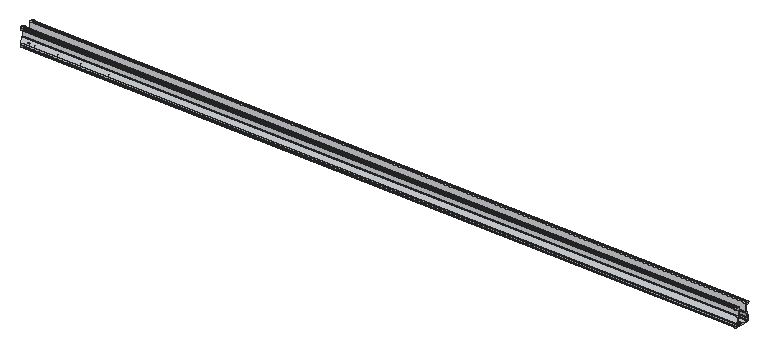
Revit family "54TSC3.00 16g Bottom Chord", category Structural Framing, Revit 2020
Family settings
  Section Shape = Not Defined
  Material for Model Behavior = Steel
  Always export as geometry = No
  OmniClass Number = 23.25.30.11.14.14
  OmniClass Title = Beams
  Always vertical = Yes
  Cut with Voids When Loaded = No
  Symbolic Representation = From Family
  Shared = No
  Show family pre-cut in plan views = Yes
Parameters
  Weight lbs per ft [instance] = 1.9646
  URL = "https://www.trussteel.com/details_files/pdf/ts008a.pdf"
  Total Member Weight lbs [instance] = Length / 1' 0" * Weight lbs per ft  # 19.646
  Structural Material = ASTM A653 SS Grade 55 G90
  Steel Design Thickness (in) [instance] = 0.0566
  Model = "54TSC3.00"
  Manufacturer = "TrusSteel"
  Length [instance] = 10' - 0"
  Fy (ksi) [instance] = 55
  Fu (ksi) [instance] = 65
  Description = "Chord"
  Cross Section Area (in2) [instance] = 0.5778
  Beam Height = 0' - 3"
  Beam Width = 0' - 2 1/2"
Reference planes (in)
  plane 1 "Center (Front/Back)": y = 0
  plane 2 "Center El.": z = 0
  plane 3 "Center (Left/Right)": x = 0
  plane 4 "Left": x = -60
  plane 5 "Right": x = 60
Forms (in)
  Extrusion 1, solid
    sketch origin (0, 0, 0) x (0, 1, 0) y (0, 0, 1)
      loop
        line (0.75, 2.8834) -> (0.75, 1.57412)
        arc (0.75, 1.57412) -> (0.75882, 1.48988) -> (0.7849, 1.4093) r 0.4066
        line (0.7849, 1.4093) -> (1.16336, 0.55577)
        arc (1.16336, 0.55577) -> (1.18581, 0.48641) -> (1.1934, 0.4139) r 0.35
        line (1.1934, 0.4139) -> (1.1934, 0.1506)
        arc (1.1934, 0.1506) -> (1.16587, 0.08413) -> (1.0994, 0.0566) r 0.094
        line (1.0994, 0.0566) -> (0.2508, 0.0566)
        arc (0.2508, 0.0566) -> (0.21957, 0.06395) -> (0.19491, 0.08446) r 0.07
        arc (0.19491, 0.08446) -> (0, 0.1816) -> (-0.19491, 0.08446) r 0.2441
        arc (-0.19491, 0.08446) -> (-0.21957, 0.06395) -> (-0.2508, 0.0566) r 0.07
        line (-0.2508, 0.0566) -> (-1.0994, 0.0566)
        arc (-1.0994, 0.0566) -> (-1.16587, 0.08413) -> (-1.1934, 0.1506) r 0.094
        line (-1.1934, 0.1506) -> (-1.1934, 0.4139)
        arc (-1.1934, 0.4139) -> (-1.18581, 0.48641) -> (-1.16336, 0.55577) r 0.35
        line (-1.16336, 0.55577) -> (-0.7849, 1.4093)
        arc (-0.7849, 1.4093) -> (-0.75882, 1.48988) -> (-0.75, 1.57412) r 0.4066
        line (-0.75, 1.57412) -> (-0.75, 2.8834)
        arc (-0.75, 2.8834) -> (-0.78415, 2.96585) -> (-0.8666, 3) r 0.1166
        line (-0.8666, 3) -> (-1.1334, 3)
        arc (-1.1334, 3) -> (-1.21585, 2.96585) -> (-1.25, 2.8834) r 0.1166
        line (-1.25, 2.8834) -> (-1.25, 2.7416)
        arc (-1.25, 2.7416) -> (-1.21585, 2.65915) -> (-1.1334, 2.625) r 0.1166
        line (-1.1334, 2.625) -> (-1, 2.625) -> (-1, 2.6816) -> (-1.1334, 2.6816)
        arc (-1.1334, 2.6816) -> (-1.17583, 2.69917) -> (-1.1934, 2.7416) r 0.06
        line (-1.1934, 2.7416) -> (-1.1934, 2.8834)
        arc (-1.1934, 2.8834) -> (-1.17583, 2.92583) -> (-1.1334, 2.9434) r 0.06
        line (-1.1334, 2.9434) -> (-0.8666, 2.9434)
        arc (-0.8666, 2.9434) -> (-0.82417, 2.92583) -> (-0.8066, 2.8834) r 0.06
        line (-0.8066, 2.8834) -> (-0.8066, 1.57412)
        arc (-0.8066, 1.57412) -> (-0.81419, 1.50161) -> (-0.83664, 1.43225) r 0.35
        line (-0.83664, 1.43225) -> (-1.2151, 0.57871)
        arc (-1.2151, 0.57871) -> (-1.24118, 0.49813) -> (-1.25, 0.4139) r 0.4066
        line (-1.25, 0.4139) -> (-1.25, 0.1506)
        arc (-1.25, 0.1506) -> (-1.20589, 0.04411) -> (-1.0994, 0) r 0.1506
        line (-1.0994, 0) -> (-0.2508, 0)
        arc (-0.2508, 0) -> (-0.19433, 0.01329) -> (-0.14971, 0.05038) r 0.1266
        arc (-0.14971, 0.05038) -> (0, 0.125) -> (0.14971, 0.05038) r 0.1875
        arc (0.14971, 0.05038) -> (0.19433, 0.01329) -> (0.2508, 0) r 0.1266
        line (0.2508, 0) -> (1.0994, 0)
        arc (1.0994, 0) -> (1.20589, 0.04411) -> (1.25, 0.1506) r 0.1506
        line (1.25, 0.1506) -> (1.25, 0.4139)
        arc (1.25, 0.4139) -> (1.24118, 0.49813) -> (1.2151, 0.57871) r 0.4066
        line (1.2151, 0.57871) -> (0.83664, 1.43225)
        arc (0.83664, 1.43225) -> (0.81419, 1.50161) -> (0.8066, 1.57412) r 0.35
        line (0.8066, 1.57412) -> (0.8066, 2.8834)
        arc (0.8066, 2.8834) -> (0.82417, 2.92583) -> (0.8666, 2.9434) r 0.06
        line (0.8666, 2.9434) -> (1.1334, 2.9434)
        arc (1.1334, 2.9434) -> (1.17583, 2.92583) -> (1.1934, 2.8834) r 0.06
        line (1.1934, 2.8834) -> (1.1934, 2.7416)
        arc (1.1934, 2.7416) -> (1.17583, 2.69917) -> (1.1334, 2.6816) r 0.06
        line (1.1334, 2.6816) -> (1, 2.6816) -> (1, 2.625) -> (1.1334, 2.625)
        arc (1.1334, 2.625) -> (1.21585, 2.65915) -> (1.25, 2.7416) r 0.1166
        line (1.25, 2.7416) -> (1.25, 2.8834)
        arc (1.25, 2.8834) -> (1.21585, 2.96585) -> (1.1334, 3) r 0.1166
        line (1.1334, 3) -> (0.8666, 3)
        arc (0.8666, 3) -> (0.78415, 2.96585) -> (0.75, 2.8834) r 0.1166
    from -60 to 60
Dimensions and locks (in)
  equal spacing: plane 4 "Left", plane 3 "Center (Left/Right)", plane 5 "Right"
  "Length": plane 4 "Left" to plane 5 "Right"
  "Beam Width": Extrusion 1 to Extrusion 1
  "Beam Height": Extrusion 1 to Extrusion 1
  aligned and locked: level to plane 2 "Center El."
  aligned and locked: Extrusion 1 to plane 5 "Right"
  aligned and locked: plane 4 "Left" to Extrusion 1
Automatic sketch dimensions
  Extrusion 1 sketch curve to Extrusion 1 sketch curve = 0' - 0"  (x34)
  Extrusion 1 sketch curve to level = 0' - 0"  (x2)
  Extrusion 1 sketch curve to plane 1 "Center (Front/Back)" = 0' - 0"
  level to Extrusion 1 sketch curve = 0' - 0.0566"  (x2)
  plane 1 "Center (Front/Back)" to Extrusion 1 sketch curve = 0' - 0.2508"
  plane 1 "Center (Front/Back)" to Extrusion 1 sketch curve = 0' - 0 3/4"
  Extrusion 1 sketch curve to Extrusion 1 sketch curve = 0' - 0.0349"  (x2)
  Extrusion 1 sketch curve to Extrusion 1 sketch curve = 0' - 0.0566"  (x2)
  Extrusion 1 sketch curve to Extrusion 1 sketch curve = 0' - 0.05174"  (x2)
  Extrusion 1 sketch curve to Extrusion 1 sketch curve = 0' - 0.5926"  (x2)
  Extrusion 1 sketch curve to Extrusion 1 sketch curve = 0' - 0.06"  (x4)
  Extrusion 1 sketch curve to Extrusion 1 sketch curve = 0' - 0.1334"  (x4)
  level to Extrusion 1 sketch curve = 0' - 0.1506"
  Extrusion 1 sketch curve to Extrusion 1 sketch curve = 0' - 0.256"  (x2)
  Extrusion 1 sketch curve to Extrusion 1 sketch curve = 0' - 0.35"
  level to Extrusion 1 sketch curve = 0' - 0.55577"  (x2)
  Extrusion 1 sketch curve to Extrusion 1 sketch curve = 0' - 0.03004"  (x2)
  level to Extrusion 1 sketch curve = 0' - 0.57871"  (x2)
  Extrusion 1 sketch curve to plane 1 "Center (Front/Back)" = 0' - 0.2508"
  Extrusion 1 sketch curve to plane 1 "Center (Front/Back)" = 0' - 0 3/4"
  Extrusion 1 sketch curve to Extrusion 1 sketch curve = 0' - 0.31996"  (x2)
  Extrusion 1 sketch curve to level = 0' - 0 1/16"
  Extrusion 1 sketch curve to Extrusion 1 sketch curve = 0' - 0.07"  (x2)
  Extrusion 1 sketch curve to Extrusion 1 sketch curve = 0' - 0.85354"  (x2)
  Extrusion 1 sketch curve to Extrusion 1 sketch curve = 0' - 1.05088"  (x2)
  Extrusion 1 sketch curve to Extrusion 1 sketch curve = 0' - 0.1418"  (x2)
